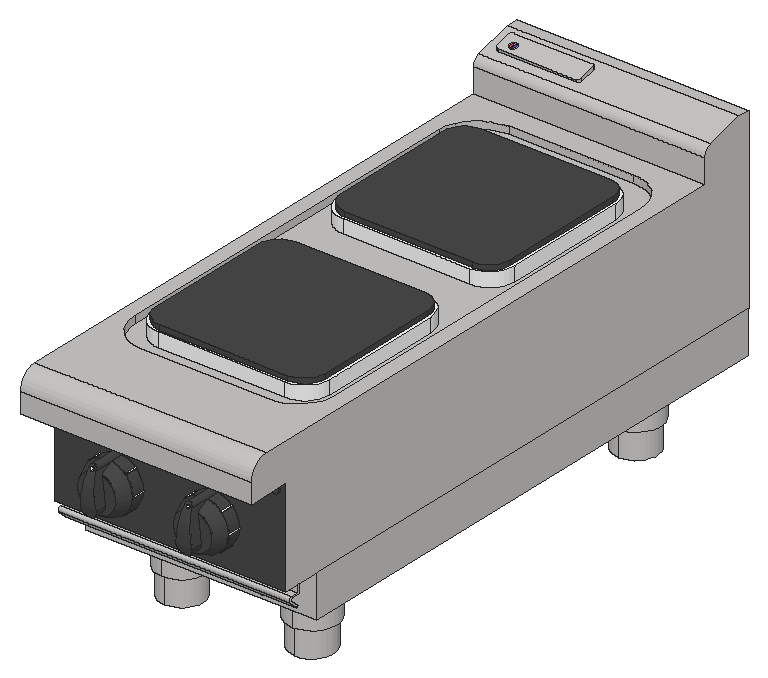
Revit family "QF_Moffat_RNLB8200SE-B_Electric_Cooktops_Sealed_Hobs_cat", category Specialty Equipment, Revit 2019
Family settings
  Round Connector Dimension = Use Diameter
  Part Type = Normal
  Work Plane-Based = No
  Always vertical = Yes
  Cut with Voids When Loaded = No
  Shared = No
  Room Calculation Point = No
Parameters (values of type "QF_Moffat_RNLB8200SE-B")
  Weight in Kilograms = 32
  Watts = 5280 W
  Volts = 240 V
  URL Cutsheet = ""
  Specification by User = ""
  Specification by Manufacturer = ""
  Serial Number = ""
  Seismic Rating = ""
  SMACNA No = ""
  Revision Code = ""
  Phase = 2
  Number of Poles = 1
  NAFEM Spec ID Number = ""
  Model = "RNLB8200SE-B"
  Min Ckt Ampacity = 0 A
  Max Overcurrent Protection = 0 A
  Masterspec = ""
  Manufacturer = "Moffat"
  Length = 300 mm
  Item Number = ""
  Installed By = ""
  Identify Quantity as Lot = yes
  Height = 370 mm
  HP = ""
  Furnished By = ""
  Foodservice Equipment Identifier = yes
  FL Amps = 22 A
  Electrical Remarks = ""
  Electric Connection Type = ""
  Elec Conn RI Height = 0 mm
  Elec Conn Connection Height = 0 mm
  Description = "Electric Cooktops Sealed Hobs"
  Depth = 805 mm
  Cycle = 60 Hz
  Conn Plug = ""
  Conn Conduit = yes
  CSI MasterFormat = ""
  Apparent Power = if(Phase = 3, Volts * FL Amps * 1.73, Volts * FL Amps)  # 5280 VA
Reference planes
  plane 1 "BACK": y = 0
  plane 2: z = 0
  plane 3 "LEFT": x = 0
  plane 4 "RIGHT": x = 300
  plane 5 "FRONT": y = -805
  plane 6 "TOP": z = 315
  plane 7 "Center Y": x = 150
  plane 8 "Center X": y = -402.5
  plane 9: x = 65.5
  plane 10: x = 234.5
  plane 11: x = 87.5
  plane 12: x = 211.766
  plane 13: y = -30
  plane 14: x = 170
  plane 15: y = -625
  plane 16: y = -100
  plane 17: z = 370
Forms (mm)
  Extrusion 1, solid, material "QF_Metal_Stainless_Polished"
    sketch origin (0, 0, 0) x (0, 1, 0) y (0, 0, 1)
      loop
        line (0, 140) -> (0, 370) -> (-15, 370) -> (-61.106, 357.646)
        arc (-61.106, 357.646) -> (-67.52, 353.36) -> (-70, 346.055) r 12
        line (-70, 346.055) -> (-70, 315) -> (-781, 315)
        arc (-781, 315) -> (-797.971, 307.971) -> (-805, 291) r 24
        line (-805, 291) -> (-805, 266) -> (-749, 266) -> (-749, 140) -> (0, 140)
    from 0 to 300
  Extrusion 2, void
    sketch origin (0, -781, 315) x (0, 1, 0) y (-1, 0, 0)
      loop
        arc (680.8, -69) -> (666.155, -33.645) -> (630.8, -19) r 50
        line (630.8, -19) -> (137.799, -19)
        arc (137.799, -19) -> (102.444, -33.645) -> (87.799, -69) r 50
        line (87.799, -69) -> (87.799, -231)
        arc (87.799, -231) -> (102.444, -266.355) -> (137.799, -281) r 50
        line (137.799, -281) -> (630.8, -281)
        arc (630.8, -281) -> (666.155, -266.355) -> (680.8, -231) r 50
        line (680.8, -231) -> (680.8, -69)
    from 0 to -9.5
  Extrusion 3, solid, material "QF_Plastic_White_Smooth"
    sketch origin (0, -781, 305.5) x (0, 1, 0) y (-1, 0, 0)
      loop
        arc (643.009, -68) -> (633.637, -45.373) -> (611.009, -36) r 32
        line (611.009, -36) -> (446.995, -36)
        arc (446.995, -36) -> (424.368, -45.373) -> (414.995, -68) r 32
        line (414.995, -68) -> (414.995, -232)
        arc (414.995, -232) -> (424.368, -254.627) -> (446.995, -264) r 32
        line (446.995, -264) -> (611.009, -264)
        arc (611.009, -264) -> (633.637, -254.627) -> (643.009, -232) r 32
        line (643.009, -232) -> (643.009, -68)
      loop
        arc (343.009, -68) -> (333.636, -45.373) -> (311.009, -36) r 32
        line (311.009, -36) -> (147.026, -36)
        arc (147.026, -36) -> (124.398, -45.373) -> (115.026, -68) r 32
        line (115.026, -68) -> (115.026, -232)
        arc (115.026, -232) -> (124.398, -254.627) -> (147.026, -264) r 32
        line (147.026, -264) -> (311.009, -264)
        arc (311.009, -264) -> (333.636, -254.627) -> (343.009, -232) r 32
        line (343.009, -232) -> (343.009, -68)
    from 0 to 17.8
  Extrusion 4, solid, material "QF_Plastic_Black_Smooth"
    sketch origin (0, -781, 323.3) x (0, 1, 0) y (-1, 0, 0)
      loop
        arc (639.009, -67) -> (631.101, -47.908) -> (612.009, -40) r 27
        line (612.009, -40) -> (445.995, -40)
        arc (445.995, -40) -> (426.903, -47.908) -> (418.995, -67) r 27
        line (418.995, -67) -> (418.995, -233)
        arc (418.995, -233) -> (426.903, -252.092) -> (445.995, -260) r 27
        line (445.995, -260) -> (612.009, -260)
        arc (612.009, -260) -> (631.101, -252.092) -> (639.009, -233) r 27
        line (639.009, -233) -> (639.009, -67)
      loop
        arc (339.009, -67) -> (331.1, -47.908) -> (312.009, -40) r 27
        line (312.009, -40) -> (146.026, -40)
        arc (146.026, -40) -> (126.934, -47.908) -> (119.026, -67) r 27
        line (119.026, -67) -> (119.026, -233)
        arc (119.026, -233) -> (126.934, -252.092) -> (146.026, -260) r 27
        line (146.026, -260) -> (312.009, -260)
        arc (312.009, -260) -> (331.1, -252.092) -> (339.009, -233) r 27
        line (339.009, -233) -> (339.009, -67)
    from 0 to 6.1
  Extrusion 5, solid, material "QF_Metal_Stainless_Polished"
    sketch origin (0, 0, 0) x (0, 1, 0) y (0, 0, 1)
      loop
        line (-699, 85) -> (0, 85) -> (0, 140) -> (-699, 140) -> (-699, 85)
    from 0 to 300
  Extrusion 6, solid, material "QF_Metal_Stainless_Polished"
    sketch origin (0, 0, 0) x (0, 1, 0) y (0, 0, 1)
      loop
        line (-730.6, 140) -> (-730.6, 130) -> (-740.105, 130)
        arc (-740.105, 130) -> (-743.076, 128.015) -> (-742.379, 124.511) r 3.215
        line (-742.379, 124.511) -> (-731.85, 113.982) -> (-730.719, 115.113) -> (-741.247, 125.642)
        arc (-741.247, 125.642) -> (-741.597, 127.403) -> (-740.105, 128.4) r 1.615
        line (-740.105, 128.4) -> (-729, 128.4) -> (-729, 140) -> (-730.6, 140)
    from 0 to 300
  Extrusion 7, solid, material "QF_Metal_Stainless_Polished"
    sketch origin (150, 168.197, 1219.2) x (0, 1, 0) y (0, 0, 1)
      loop
        line (-867.197, -1109.2) -> (-889.234, -1109.2)
        arc (-889.234, -1109.2) -> (-890.834, -1110.8) -> (-889.234, -1112.4) r 1.6
        line (-889.234, -1112.4) -> (-867.197, -1112.4) -> (-867.197, -1109.2)
    from -100 to 100
  Extrusion 8, solid, material "QF_Paint_Green"
    sketch origin (0, -749, 141.25) x (0, 0, 1) y (-1, 0, 0)
      loop
        circle (101.3, -132.5) r 7.15
      loop
        circle (101.3, -257.5) r 7.15
    from 0 to 1.6
  Extrusion 9, solid, material "QF_Plastic_Black_Smooth"
    sketch origin (0, -749, 141.25) x (0, 0, 1) y (-1, 0, 0)
      loop
        circle (113.843, -13.157) r 5
      loop
        circle (113.843, -286.843) r 5
    from 0 to 1.6
  Extrusion 10, solid, material "QF_Metal_Stainless_Polished"
    sketch origin (-30, -689.8, 85) x (1, 0, 0) y (0, -1, 0)
      loop
        circle (200, -659.8) r 6.35
    from 0 to 1.6
Cuts and joins
  Extrusion 2 cuts Extrusion 1
Lines and regions (mm)
  symbolic lines
    curve 1: line (0, 0, 0) -> (300, 0, 0)
    curve 2: line (0, -805, 0) -> (0, 0, 0)
    curve 3: line (300, -805, 0) -> (0, -805, 0)
    curve 4: line (300, 0, 0) -> (300, -805, 0)
    curve 5: arc (19, -150.2, 0) -> (33.645, -114.845, 0) -> (69, -100.2, 0) r 50
    curve 6: line (69, -100.2, 0) -> (231, -100.2, 0)
    curve 7: arc (231, -100.2, 0) -> (266.355, -114.845, 0) -> (281, -150.2, 0) r 50
    curve 8: line (281, -150.2, 0) -> (281, -643.201, 0)
    curve 9: arc (281, -643.201, 0) -> (266.355, -678.556, 0) -> (231, -693.201, 0) r 50
    curve 10: line (231, -693.201, 0) -> (69, -693.201, 0)
    curve 11: arc (69, -693.201, 0) -> (33.645, -678.556, 0) -> (19, -643.201, 0) r 50
    curve 12: line (19, -643.201, 0) -> (19, -150.2, 0)
    curve 13: arc (68, -137.991, 0) -> (45.373, -147.363, 0) -> (36, -169.991, 0) r 32
    curve 14: line (36, -169.991, 0) -> (36, -334.005, 0)
    curve 15: arc (36, -334.005, 0) -> (45.373, -356.632, 0) -> (68, -366.005, 0) r 32
    curve 16: line (68, -366.005, 0) -> (232, -366.005, 0)
    curve 17: arc (232, -366.005, 0) -> (254.627, -356.632, 0) -> (264, -334.005, 0) r 32
    curve 18: line (264, -334.005, 0) -> (264, -169.991, 0)
    curve 19: arc (264, -169.991, 0) -> (254.627, -147.363, 0) -> (232, -137.991, 0) r 32
    curve 20: line (232, -137.991, 0) -> (68, -137.991, 0)
    curve 21: arc (67, -141.991, 0) -> (47.908, -149.899, 0) -> (40, -168.991, 0) r 27
    curve 22: line (40, -168.991, 0) -> (40, -335.005, 0)
    curve 23: arc (40, -335.005, 0) -> (47.908, -354.097, 0) -> (67, -362.005, 0) r 27
    curve 24: line (67, -362.005, 0) -> (233, -362.005, 0)
    curve 25: arc (233, -362.005, 0) -> (252.092, -354.097, 0) -> (260, -335.005, 0) r 27
    curve 26: line (260, -335.005, 0) -> (260, -168.991, 0)
    curve 27: arc (260, -168.991, 0) -> (252.092, -149.899, 0) -> (233, -141.991, 0) r 27
    curve 28: line (233, -141.991, 0) -> (67, -141.991, 0)
    curve 29: arc (68, -437.991, 0) -> (45.373, -447.364, 0) -> (36, -469.991, 0) r 32
    curve 30: line (36, -469.991, 0) -> (36, -633.974, 0)
    curve 31: arc (36, -633.974, 0) -> (45.373, -656.602, 0) -> (68, -665.974, 0) r 32
    curve 32: line (68, -665.974, 0) -> (232, -665.974, 0)
    curve 33: arc (232, -665.974, 0) -> (254.627, -656.602, 0) -> (264, -633.974, 0) r 32
    curve 34: line (264, -633.974, 0) -> (264, -469.991, 0)
    curve 35: arc (264, -469.991, 0) -> (254.627, -447.364, 0) -> (232, -437.991, 0) r 32
    curve 36: line (232, -437.991, 0) -> (68, -437.991, 0)
    curve 37: arc (67, -441.991, 0) -> (47.908, -449.9, 0) -> (40, -468.991, 0) r 27
    curve 38: line (40, -468.991, 0) -> (40, -634.974, 0)
    curve 39: arc (40, -634.974, 0) -> (47.908, -654.066, 0) -> (67, -661.974, 0) r 27
    curve 40: line (67, -661.974, 0) -> (233, -661.974, 0)
    curve 41: arc (233, -661.974, 0) -> (252.092, -654.066, 0) -> (260, -634.974, 0) r 27
    curve 42: line (260, -634.974, 0) -> (260, -468.991, 0)
    curve 43: arc (260, -468.991, 0) -> (252.092, -449.9, 0) -> (233, -441.991, 0) r 27
    curve 44: line (233, -441.991, 0) -> (67, -441.991, 0)
    curve 45: line (0, -15, 0) -> (300, -15, 0)
    curve 46: line (0, -70, 0) -> (300, -70, 0)
Dimensions and locks
  equal spacing: plane 3 "LEFT", plane 7 "Center Y", plane 4 "RIGHT"
  "Length": plane 3 "LEFT" to plane 4 "RIGHT"
  equal spacing: plane 5 "FRONT", plane 8 "Center X", plane 1 "BACK"
  "Depth": plane 5 "FRONT" to plane 1 "BACK"
  plane 9 to plane 10 = 169 mm
  plane 4 "RIGHT" to plane 3 "LEFT" = 300 mm
  plane 1 "BACK" to plane 5 "FRONT" = 805 mm
  plane 6 "TOP" to plane 2 = 315 mm
  cut or joined group of Extrusion 1, Extrusion 2 to plane 2 = 315 mm
  plane 2 to Extrusion 5 = 85 mm
  plane 1 "BACK" to nested 5 = 100 mm
  nested 5 to nested 1 = 525 mm
  plane 14 to plane 4 "RIGHT" = 130 mm
  plane 1 "BACK" to plane 13 = 30 mm
  plane 15 to plane 16 = 525 mm
  "Height": plane 17 to level
  aligned and locked: level to plane 2
Automatic sketch dimensions
  Extrusion 2 sketch curve to Extrusion 2 sketch curve = 50 mm  (x3)
  Extrusion 1 to Extrusion 2 sketch curve = 19 mm
  Extrusion 1 to Extrusion 2 sketch curve = 69 mm  (x2)
  Extrusion 3 sketch curve to Extrusion 2 = 27.226 mm
  Extrusion 3 sketch curve to Extrusion 2 = 17 mm  (x4)
  Extrusion 3 sketch curve to Extrusion 3 sketch curve = 32 mm  (x6)
  Extrusion 3 sketch curve to Extrusion 2 = 49 mm
  Extrusion 3 sketch curve to Extrusion 3 sketch curve = 163.983 mm
  Extrusion 3 sketch curve to Extrusion 3 sketch curve = 71.987 mm
  Extrusion 3 sketch curve to Extrusion 2 = 69.791 mm  (x2)
  Extrusion 4 sketch curve to Extrusion 3 = 4 mm  (x8)
  Extrusion 4 sketch curve to Extrusion 3 = 31 mm  (x8)
  Extrusion 5 sketch curve to plane 1 "BACK" = 0 mm
  Extrusion 5 sketch curve to plane 5 "FRONT" = 106 mm
  level to Extrusion 5 sketch curve = 85 mm
  Extrusion 5 sketch curve to Extrusion 5 sketch curve = 55 mm
  Extrusion 6 sketch curve to Extrusion 6 sketch curve = 0 mm  (x2)
  Extrusion 6 sketch curve to plane 5 "FRONT" = 62.621 mm
  Extrusion 6 sketch curve to Extrusion 6 sketch curve = 1.131 mm  (x3)
  Extrusion 6 sketch curve to Extrusion 6 sketch curve = 1.142 mm  (x2)
  Extrusion 6 sketch curve to Extrusion 6 sketch curve = 10.529 mm
  Extrusion 6 sketch curve to Extrusion 6 sketch curve = 9.505 mm
  Extrusion 6 sketch curve to Extrusion 6 sketch curve = 1.6 mm
  level to Extrusion 6 sketch curve = 113.982 mm
  Extrusion 6 sketch curve to Extrusion 6 sketch curve = 10 mm
  Extrusion 7 sketch curve to plane 5 "FRONT" = 83.963 mm
  Extrusion 7 sketch curve to Extrusion 7 sketch curve = 22.037 mm
  level to Extrusion 7 sketch curve = 106.8 mm
  Extrusion 7 sketch curve to Extrusion 7 sketch curve = 1.6 mm
  Extrusion 1 to Extrusion 8 sketch curve = 23.45 mm  (x2)
  Extrusion 1 to Extrusion 8 sketch curve = 42.5 mm
  Extrusion 8 sketch curve to Extrusion 8 sketch curve = 125 mm
  Extrusion 1 to Extrusion 9 sketch curve = 10.907 mm  (x2)
  Extrusion 1 to Extrusion 9 sketch curve = 13.157 mm  (x2)
  Extrusion 10 sketch curve to Extrusion 5 = 30 mm
  Extrusion 10 sketch curve to Extrusion 5 = 130 mm
  Extrusion 1 sketch curve to plane 5 "FRONT" = 56 mm
  Extrusion 1 sketch curve to Extrusion 1 sketch curve = 49 mm
  Extrusion 1 sketch curve to plane 5 "FRONT" = 24 mm
  Extrusion 1 sketch curve to plane 5 "FRONT" = 0 mm
  Extrusion 2 sketch curve to Extrusion 1 = 137.799 mm
  plane 1 "BACK" to curve 1 = 0 mm
  curve 1 to plane 3 "LEFT" = 0 mm
  plane 5 "FRONT" to curve 3 = 0 mm
  plane 3 "LEFT" to curve 12 = 19 mm
  curve 12 to curve 14 = 17 mm
  curve 30 to plane 15 = 8.974 mm
  curve 12 to curve 30 = 17 mm
  curve 13 to curve 22 = 4 mm
  curve 29 to curve 38 = 4 mm
  curve 37 to plane 9 = 1.5 mm
  curve 23 to plane 9 = 1.5 mm
  curve 39 to plane 9 = 1.5 mm
  curve 28 to plane 9 = 1.5 mm
  curve 23 to curve 15 = 1 mm
  curve 21 to curve 13 = 1 mm
  curve 37 to curve 29 = 1 mm
  curve 39 to curve 31 = 1 mm
  curve 6 to plane 16 = 0.2 mm
  curve 6 to plane 9 = 3.5 mm
  curve 10 to plane 9 = 3.5 mm
  plane 10 to curve 7 = 3.5 mm
  plane 10 to curve 10 = 3.5 mm
  plane 10 to curve 35 = 2.5 mm
  plane 10 to curve 33 = 2.5 mm
  plane 10 to curve 16 = 2.5 mm
  plane 10 to curve 19 = 2.5 mm
  plane 10 to curve 44 = 1.5 mm
  plane 10 to curve 24 = 1.5 mm
  plane 10 to curve 28 = 1.5 mm
  plane 10 to curve 40 = 1.5 mm
  curve 42 to plane 10 = 25.5 mm
  curve 26 to plane 10 = 25.5 mm
  curve 42 to curve 34 = 4 mm
  curve 26 to curve 18 = 4 mm
  plane 4 "RIGHT" to curve 8 = 19 mm
  curve 10 to curve 32 = 27.226 mm
  curve 31 to curve 40 = 4 mm
  curve 35 to plane 8 "Center X" = 67.491 mm
  curve 29 to curve 38 = 1 mm
  plane 8 "Center X" to curve 16 = 36.495 mm
  curve 15 to curve 24 = 4 mm
  curve 19 to curve 7 = 19.791 mm
  curve 13 to curve 22 = 1 mm
  Extrusion 1 sketch curve to Extrusion 1 sketch curve = 126 mm
  curve 4 to plane 4 "RIGHT" = 0 mm
  plane 16 to Extrusion 1 sketch curve = 30 mm
  plane 6 "TOP" to Extrusion 1 sketch curve = 31.055 mm
  Extrusion 1 sketch curve to Extrusion 1 sketch curve = 12 mm
  Extrusion 1 sketch curve to Extrusion 1 sketch curve = 3.106 mm
  plane 1 "BACK" to Extrusion 1 sketch curve = 15 mm
  Extrusion 1 sketch curve to Extrusion 1 sketch curve = 12.354 mm
  Extrusion 1 sketch curve to plane 1 "BACK" = 0 mm
  Extrusion 1 sketch curve to plane 6 "TOP" = 0 mm
  Extrusion 2 sketch curve to Extrusion 1 = 80.2 mm
  curve 45 to curve 1 = 15 mm
  plane 16 to curve 46 = 30 mm
  radius of Extrusion 8 sketch curve = 7.15 mm  (x2)
  radius of Extrusion 9 sketch curve = 5 mm  (x2)
  radius of Extrusion 10 sketch curve = 6.35 mm
Nested families
  nested 1: "Small Leg" at (33.75, -593.25, 0), type "Small Leg"
  nested 2: "Small Leg" at (266.25, -593.25, 0) x (-1, 0, 0) z (0, 0, 1), type "Small Leg"
  nested 3: "Knob" at (55.003, -746.031, 164.502), type "Knob"
  nested 4: "Knob" at (179.269, -746.031, 164.502), type "Knob"
  nested 5: "Small Leg" at (33.75, -68.25, 0), type "Small Leg"
  nested 6: "Small Leg" at (266.25, -68.25, 0) x (-1, 0, 0) z (0, 0, 1), type "Small Leg"
  nested 7: "QF_LOGO_Waldorf" at (12, -23.793, 340.933), type "QF_LOGO_Waldorf"
Connectors
  electrical at (170, -30, 83.4), driven by "Volts", driven by "Watts"
    settings: on Extrusion 10, index 1, voltage 240 V, apparent load 5280 VA, apparent load phase1 0 VA, apparent load phase2 0 VA, apparent load phase3 0 VA, power factor 1, load classification "Other", number of poles 1, system type 30, power factor state 1, is connector primary yes, connector utility no, sub classification motor no, connector description "Electrical Connection"
Definition of nested family "Small Leg"
  Parameters (values of type "Small Leg")
    Weight in Pounds = 0
    URL Cutsheet = ""
    Specification by User = ""
    Specification by Manufacturer = ""
    Serial Number = ""
    Seismic Rating = ""
    SMACNA No = ""
    Revision Code = ""
    NAFEM Spec ID Number = ""
    Masterspec = ""
    Length = 63.5 mm
    Item Number = ""
    Installed By = ""
    Identify Quantity as Lot = yes
    Height = 85 mm
    Furnished By = ""
    Foodservice Equipment Identifier = yes
    Depth = 63.5 mm
    CSI MasterFormat = ""
  Reference planes
    plane 1 "BACK": y = 0
    plane 2: z = 0
    plane 3 "LEFT": x = 0
    plane 4 "RIGHT": x = 63.5
    plane 5 "FRONT": y = -63.5
    plane 6 "TOP": z = 85
    plane 7 "Center Y": x = 31.75
    plane 8 "Center X": y = -31.75
  Forms (mm)
    Revolve 1, solid
      sketch origin (31.75, 175.397, 1219.2) x (0, 1, 0) y (0, 0, 1)
        loop
          line (-207.147, -1134.2) -> (-207.147, -1219.2) -> (-179.647, -1219.2) -> (-179.647, -1184.2) -> (-175.397, -1184.2) -> (-175.397, -1134.2) -> (-207.147, -1134.2)
        axis (-207.147, -1134.2) -> (-207.147, -1219.2)
      angle from 0 to 360
  Dimensions and locks
    equal spacing: plane 3 "LEFT", plane 7 "Center Y", plane 4 "RIGHT"
    "Length": plane 3 "LEFT" to plane 4 "RIGHT"
    equal spacing: plane 5 "FRONT", plane 8 "Center X", plane 1 "BACK"
    "Depth": plane 5 "FRONT" to plane 1 "BACK"
    "Height": plane 6 "TOP" to level
    plane 4 "RIGHT" to plane 3 "LEFT" = 63.5 mm
    aligned and locked: level to plane 2
  Automatic sketch dimensions
    Revolve 1 sketch curve to plane 6 "TOP" = 0 mm
    Revolve 1 sketch curve to plane 8 "Center X" = 0 mm  (x2)
    Revolve 1 sketch curve to level = 0 mm  (x2)
    Revolve 1 sketch curve to plane 1 "BACK" = 0 mm
    Revolve 1 sketch curve to Revolve 1 sketch curve = 4.25 mm
    level to Revolve 1 sketch curve = 35 mm
    Revolve 1 sketch curve to Revolve 1 sketch curve = 20 mm
Definition of nested family "Knob"
  Parameters (values of type "Knob")
    Weight in Pounds = 0
    URL Cutsheet = ""
    Specification by User = ""
    Specification by Manufacturer = ""
    Serial Number = ""
    Seismic Rating = ""
    SMACNA No = ""
    Revision Code = ""
    NAFEM Spec ID Number = ""
    Masterspec = ""
    Length = 65 mm
    Item Number = ""
    Installed By = ""
    Identify Quantity as Lot = yes
    Height = 69.5 mm
    Furnished By = ""
    Foodservice Equipment Identifier = yes
    Depth = 59 mm
    CSI MasterFormat = ""
  Reference planes
    plane 1 "BACK": y = 0
    plane 2: z = 0
    plane 3 "LEFT": x = 0
    plane 4 "RIGHT": x = 65
    plane 5 "FRONT": y = -59
    plane 6 "TOP": z = 69.5
    plane 7 "Center Y": x = 32.5
    plane 8 "Center X": y = -29.5
  Forms (mm)
    Revolve 1, solid
      sketch origin (32.5, 175.397, 1219.2) x (0, 1, 0) y (0, 0, 1)
        loop
          line (-175.397, -1186.7) -> (-219.397, -1186.7) -> (-219.397, -1211.501) -> (-202.106, -1219.2) -> (-185.397, -1219.2) -> (-185.397, -1191.7) -> (-175.397, -1191.7) -> (-175.397, -1186.7)
        axis (-219.397, -1186.7) -> (-175.397, -1186.7)
      angle from 0 to 360
    Extrusion 2, solid
      sketch origin (32.5, 175.397, 1219.2) x (0, 1, 0) y (0, 0, 1)
        loop
          line (-202.106, -1154.2) -> (-185.397, -1154.2) -> (-185.397, -1149.7) -> (-224.105, -1149.7)
          arc (-224.105, -1149.7) -> (-233.965, -1178.467) -> (-230.696, -1208.7) r 70
          line (-230.696, -1208.7) -> (-219.397, -1208.7) -> (-219.397, -1161.899) -> (-202.106, -1154.2)
      from -15 to 15
    Extrusion 3, void
      sketch origin (0, 0, 0) x (1, 0, 0) y (0, 0, 1)
        loop
          line (27.501, 64.613) -> (22.02, 20.585)
          arc (22.02, 20.585) -> (32.792, 10.488) -> (42.986, 21.169) r 10.487
          line (42.986, 21.169) -> (37.499, 64.613)
          arc (37.499, 64.613) -> (32.5, 69.5) -> (27.501, 64.613) r 5
        loop
          line (10, 72.977) -> (10, 5.625) -> (55, 5.625) -> (55, 72.977) -> (10, 72.977)
      from 6.142 to 69.687
    Extrusion 4, solid
      sketch origin (0, -34.115, -16.916) x (1, 0, 0) y (0, 0.45399, 0.891007)
        loop
          circle (32.497, 65) r 2
      from 51.525 to 53.075
    Extrusion 5, solid
      sketch origin (32.5, -10, 32.5) x (0, 0, -1) y (-1, 0, 0)
        loop
          line (-23.54, -22.408) -> (-24.106, -22.974)
          arc (-24.106, -22.974) -> (-23.547, -23.547) -> (-22.974, -24.106) r 33.3
          line (-22.974, -24.106) -> (-22.408, -23.54)
          arc (-22.408, -23.54) -> (-22.981, -22.981) -> (-23.54, -22.408) r 32.5
        loop
          arc (-0.8, -33.29) -> (0, -33.3) -> (0.8, -33.29) r 33.3
          line (0.8, -33.29) -> (0.8, -32.49)
          arc (0.8, -32.49) -> (0, -32.5) -> (-0.8, -32.49) r 32.5
          line (-0.8, -32.49) -> (-0.8, -33.29)
        loop
          arc (23.54, -22.408) -> (22.981, -22.981) -> (22.408, -23.54) r 32.5
          line (22.408, -23.54) -> (22.974, -24.106)
          arc (22.974, -24.106) -> (23.547, -23.547) -> (24.106, -22.974) r 33.3
          line (24.106, -22.974) -> (23.54, -22.408)
        loop
          arc (-23.54, 22.408) -> (-22.981, 22.981) -> (-22.408, 23.54) r 32.5
          line (-22.408, 23.54) -> (-22.974, 24.106)
          arc (-22.974, 24.106) -> (-23.547, 23.547) -> (-24.106, 22.974) r 33.3
          line (-24.106, 22.974) -> (-23.54, 22.408)
        loop
          line (-0.8, 33.29) -> (-0.8, 32.49)
          arc (-0.8, 32.49) -> (0, 32.5) -> (0.8, 32.49) r 32.5
          line (0.8, 32.49) -> (0.8, 33.29)
          arc (0.8, 33.29) -> (0, 33.3) -> (-0.8, 33.29) r 33.3
        loop
          line (32.49, -0.8) -> (33.29, -0.8)
          arc (33.29, -0.8) -> (33.3, 0) -> (33.29, 0.8) r 33.3
          line (33.29, 0.8) -> (32.49, 0.8)
          arc (32.49, 0.8) -> (32.5, 0) -> (32.49, -0.8) r 32.5
        loop
          arc (24.106, 22.974) -> (23.547, 23.547) -> (22.974, 24.106) r 33.3
          line (22.974, 24.106) -> (22.408, 23.54)
          arc (22.408, 23.54) -> (22.981, 22.981) -> (23.54, 22.408) r 32.5
          line (23.54, 22.408) -> (24.106, 22.974)
      from 0 to -16.709
  Cuts and joins
    Extrusion 3 cuts Extrusion 2
  Dimensions and locks
    equal spacing: plane 3 "LEFT", plane 7 "Center Y", plane 4 "RIGHT"
    "Length": plane 3 "LEFT" to plane 4 "RIGHT"
    equal spacing: plane 5 "FRONT", plane 8 "Center X", plane 1 "BACK"
    "Depth": plane 5 "FRONT" to plane 1 "BACK"
    "Height": plane 6 "TOP" to level
    plane 4 "RIGHT" to plane 3 "LEFT" = 65 mm
    aligned and locked: level to plane 2
  Automatic sketch dimensions
    Revolve 1 sketch curve to level = 0 mm
    Revolve 1 sketch curve to plane 1 "BACK" = 0 mm  (x2)
    plane 1 "BACK" to Revolve 1 sketch curve = 10 mm
    plane 8 "Center X" to Revolve 1 sketch curve = 2.791 mm
    Revolve 1 sketch curve to plane 8 "Center X" = 14.5 mm
    level to Revolve 1 sketch curve = 7.699 mm
    level to Revolve 1 sketch curve = 27.5 mm
    Revolve 1 sketch curve to Revolve 1 sketch curve = 5 mm
    Revolve 1 sketch curve to Revolve 1 sketch curve = 35 mm
    Revolve 1 sketch curve to Revolve 1 sketch curve = 0 mm
    Extrusion 2 sketch curve to plane 6 "TOP" = 0 mm
    Extrusion 2 sketch curve to plane 5 "FRONT" = 3.702 mm
    Extrusion 2 sketch curve to plane 5 "FRONT" = 10.293 mm
    Extrusion 2 sketch curve to Extrusion 2 sketch curve = 11.298 mm
    plane 8 "Center X" to Extrusion 2 sketch curve = 2.791 mm
    plane 1 "BACK" to Extrusion 2 sketch curve = 10 mm
    Extrusion 2 sketch curve to plane 1 "BACK" = 11 mm
    Extrusion 2 sketch curve to plane 6 "TOP" = 4.5 mm
    Extrusion 2 sketch curve to plane 6 "TOP" = 12.199 mm
    level to Extrusion 2 sketch curve = 32.962 mm
    level to Extrusion 3 sketch curve = 5.625 mm
    Extrusion 3 sketch curve to plane 7 "Center Y" = 0 mm  (x2)
    Extrusion 3 sketch curve to plane 7 "Center Y" = 4.999 mm
    Extrusion 3 sketch curve to plane 7 "Center Y" = 10.48 mm
    plane 6 "TOP" to Extrusion 3 sketch curve = 3.477 mm
    plane 3 "LEFT" to Extrusion 3 sketch curve = 10 mm
    Extrusion 3 sketch curve to plane 6 "TOP" = 4.887 mm
    Extrusion 3 sketch curve to Extrusion 3 sketch curve = 4.999 mm
    plane 7 "Center Y" to Extrusion 3 sketch curve = 10.486 mm
    level to Extrusion 3 sketch curve = 20.585 mm
    Extrusion 3 sketch curve to Extrusion 3 sketch curve = 0.387 mm
    Extrusion 3 sketch curve to Extrusion 3 sketch curve = 0.113 mm
    plane 4 "RIGHT" to Extrusion 3 sketch curve = 10 mm
    Extrusion 5 sketch curve to Revolve 1 = 32.49 mm
    Revolve 1 to Extrusion 5 sketch curve = 32.49 mm
    Extrusion 5 sketch curve to Revolve 1 = 23.54 mm  (x2)
    Revolve 1 to Extrusion 5 sketch curve = 23.54 mm  (x2)
    Extrusion 5 sketch curve to Revolve 1 = 24.106 mm  (x2)
    Revolve 1 to Extrusion 5 sketch curve = 24.106 mm  (x2)
    Revolve 1 to Extrusion 5 sketch curve = 22.408 mm  (x2)
    Extrusion 5 sketch curve to Revolve 1 = 22.408 mm  (x2)
    Revolve 1 to Extrusion 5 sketch curve = 22.974 mm  (x2)
    Extrusion 5 sketch curve to Revolve 1 = 22.974 mm  (x2)
    Extrusion 5 sketch curve to Extrusion 5 sketch curve = 1.6 mm  (x2)
    Revolve 1 to Extrusion 5 sketch curve = 0.8 mm
    Extrusion 5 sketch curve to Revolve 1 = 0.8 mm
    Extrusion 4 sketch curve to plane 7 "Center Y" = 0.003 mm
    radius of Extrusion 5 sketch curve to Revolve 1 = 0 mm  (x7)
    radius of Revolve 1 to Extrusion 5 sketch curve = 0.8 mm  (x7)
    radius of Extrusion 4 sketch curve = 2 mm
Definition of nested family "QF_LOGO_Waldorf"
  Parameters (values of type "QF_LOGO_Waldorf")
    Weight in Pounds = 0
    URL Cutsheet = ""
    Specification by User = ""
    Specification by Manufacturer = ""
    Serial Number = ""
    Seismic Rating = ""
    SMACNA No = ""
    Revision Code = ""
    NAFEM Spec ID Number = ""
    Masterspec = ""
    Length = 138 mm
    Item Number = ""
    Installed By = ""
    Identify Quantity as Lot = yes
    Height = 26.711 mm
    Furnished By = ""
    Foodservice Equipment Identifier = yes
    Depth = 3.175 mm
    CSI MasterFormat = ""
  Reference planes
    plane 1 "BACK": y = 0
    plane 2: z = 0
    plane 3 "LEFT": x = 0
    plane 4 "RIGHT": x = 138
    plane 5 "FRONT": y = -3.175
    plane 6 "TOP": z = 26.711
    plane 7 "Center Y": x = 69
    plane 8 "Center X": y = -1.587
  Forms (mm)
    Extrusion 1, solid
      sketch origin (0, -25.801, 19.798) x (1, 0, 0) y (0, 0.965926, 0.258819)
        loop
          line (109, 3.464) -> (109, 23.247)
          spline (109, 23.247) -> (108.966, 23.699) -> (108.864, 24.143) -> (108.696, 24.572) -> (108.464, 24.979) -> (108.173, 25.355) -> (107.828, 25.696) -> (107.435, 25.995) -> (107, 26.247) -> (106.531, 26.447) -> (106.035, 26.593) -> (105.522, 26.681) -> (105, 26.711)
          line (105, 26.711) -> (4, 26.711)
          spline (4, 26.711) -> (3.478, 26.681) -> (2.965, 26.593) -> (2.469, 26.447) -> (2, 26.247) -> (1.565, 25.995) -> (1.172, 25.696) -> (0.827, 25.355) -> (0.536, 24.979) -> (0.304, 24.572) -> (0.136, 24.143) -> (0.034, 23.699) -> (0, 23.247)
          line (0, 23.247) -> (0, 3.464)
          spline (0, 3.464) -> (0.034, 3.012) -> (0.136, 2.568) -> (0.304, 2.138) -> (0.536, 1.732) -> (0.827, 1.355) -> (1.172, 1.015) -> (1.565, 0.716) -> (2, 0.464) -> (2.469, 0.264) -> (2.965, 0.118) -> (3.478, 0.03) -> (4, 0)
          line (4, 0) -> (105, 0)
          spline (105, 0) -> (105.522, 0.03) -> (106.035, 0.118) -> (106.531, 0.264) -> (107, 0.464) -> (107.435, 0.716) -> (107.828, 1.015) -> (108.173, 1.355) -> (108.464, 1.732) -> (108.696, 2.138) -> (108.864, 2.568) -> (108.966, 3.012) -> (109, 3.464)
        loop
          line (14.75, 7.005) -> (14.75, 15.654)
          arc (14.75, 15.654) -> (10.425, 11.329) -> (14.75, 7.005) r 4.325
        loop
          line (15.25, 15.654) -> (15.25, 7.005)
          arc (15.25, 7.005) -> (19.575, 11.329) -> (15.25, 15.654) r 4.325
      from 0 to 3.2
    Extrusion 2, solid
      sketch origin (0, -25.801, 19.798) x (1, 0, 0) y (0, 0.965926, 0.258819)
        loop
          line (15.25, 15.654) -> (15.25, 7.005)
          arc (15.25, 7.005) -> (19.575, 11.329) -> (15.25, 15.654) r 4.325
      from 0 to 3.2
    Extrusion 3, solid
      sketch origin (16.271, -25.801, 19.798) x (-1, 0, 0) y (0, -0.965926, -0.258819)
        loop
          arc (1.521, -15.654) -> (5.846, -11.329) -> (1.521, -7.005) r 4.325
          line (1.521, -7.005) -> (1.521, -15.654)
      from 0 to 3.2
  Lines and regions (mm)
    Split face 1
      outline origin (0, -26.629, 22.888) x (1, 0, 0) y (0, 0.965926, 0.258819)
        loop
          spline (22.129, 16.975) -> (22.389, 15.984) -> (22.649, 15.002) -> (22.91, 14.028) -> (23.172, 13.065) -> (23.433, 12.11) -> (23.695, 11.166) -> (23.956, 10.232) -> (24.218, 9.308) -> (24.479, 8.396) -> (24.74, 7.495) -> (25, 6.605) -> (25.26, 5.728)
          line (25.26, 5.728) -> (29.463, 5.728)
          spline (29.463, 5.728) -> (29.582, 6.252) -> (29.701, 6.78) -> (29.82, 7.313) -> (29.939, 7.85) -> (30.058, 8.391) -> (30.178, 8.936) -> (30.297, 9.485) -> (30.416, 10.038) -> (30.536, 10.594) -> (30.655, 11.155) -> (30.775, 11.719) -> (30.894, 12.287)
          spline (30.894, 12.287) -> (31.018, 11.719) -> (31.142, 11.155) -> (31.266, 10.594) -> (31.39, 10.038) -> (31.514, 9.485) -> (31.638, 8.936) -> (31.762, 8.391) -> (31.885, 7.85) -> (32.009, 7.313) -> (32.133, 6.78) -> (32.256, 6.252) -> (32.379, 5.728)
          line (32.379, 5.728) -> (36.51, 5.728)
          spline (36.51, 5.728) -> (36.766, 6.605) -> (37.023, 7.495) -> (37.28, 8.396) -> (37.538, 9.308) -> (37.795, 10.232) -> (38.053, 11.166) -> (38.311, 12.11) -> (38.569, 13.065) -> (38.826, 14.028) -> (39.083, 15.002) -> (39.34, 15.984) -> (39.597, 16.975)
          line (39.597, 16.975) -> (35.637, 16.975)
          spline (35.637, 16.975) -> (35.523, 16.334) -> (35.41, 15.697) -> (35.296, 15.063) -> (35.182, 14.433) -> (35.068, 13.807) -> (34.954, 13.185) -> (34.84, 12.566) -> (34.726, 11.952) -> (34.612, 11.342) -> (34.497, 10.737) -> (34.383, 10.135) -> (34.269, 9.538)
          spline (34.269, 9.538) -> (34.138, 10.135) -> (34.008, 10.737) -> (33.877, 11.342) -> (33.746, 11.952) -> (33.616, 12.566) -> (33.485, 13.185) -> (33.354, 13.807) -> (33.224, 14.433) -> (33.093, 15.063) -> (32.963, 15.697) -> (32.833, 16.334) -> (32.703, 16.975)
          line (32.703, 16.975) -> (29.247, 16.975)
          spline (29.247, 16.975) -> (29.111, 16.334) -> (28.974, 15.697) -> (28.837, 15.063) -> (28.7, 14.433) -> (28.562, 13.807) -> (28.425, 13.185) -> (28.288, 12.566) -> (28.15, 11.952) -> (28.013, 11.342) -> (27.875, 10.737) -> (27.738, 10.135) -> (27.6, 9.538)
          spline (27.6, 9.538) -> (27.483, 10.135) -> (27.366, 10.737) -> (27.249, 11.342) -> (27.132, 11.952) -> (27.015, 12.566) -> (26.897, 13.185) -> (26.78, 13.807) -> (26.663, 14.433) -> (26.546, 15.063) -> (26.43, 15.697) -> (26.313, 16.334) -> (26.196, 16.975)
          line (26.196, 16.975) -> (22.129, 16.975)
    Split face 2
      outline origin (0, -26.629, 22.888) x (1, 0, 0) y (0, 0.965926, 0.258819)
        loop
          line (51.449, 5.728) -> (51.035, 6.606) -> (51.035, 11.169)
          spline (51.035, 11.169) -> (50.686, 12.42) -> (50.176, 13.224) -> (49.51, 13.708) -> (48.693, 13.995) -> (47.747, 14.152) -> (46.698, 14.207) -> (45.579, 14.186) -> (44.419, 14.114) -> (43.279, 13.929) -> (42.249, 13.481) -> (41.424, 12.614) -> (40.897, 11.169)
          line (40.897, 11.169) -> (44.617, 11.169) -> (44.988, 11.965)
          spline (44.988, 11.965) -> (47.294, 11.682) -> (46.856, 10.932) -> (45.527, 10.609) -> (43.858, 10.439) -> (42.259, 10.123) -> (41.078, 9.417) -> (40.563, 8.246) -> (40.689, 6.989) -> (41.407, 6.052) -> (42.774, 5.536) -> (44.847, 5.497) -> (47.306, 6.602)
          line (47.306, 6.602) -> (47.624, 5.728) -> (51.449, 5.728)
    Split face 3
      outline origin (0, -26.629, 22.888) x (1, 0, 0) y (0, 0.965926, 0.258819)
        loop
          line (47.264, 9.264) -> (44.938, 8.597)
          spline (44.938, 8.597) -> (44.508, 8.228) -> (44.402, 7.9) -> (44.548, 7.626) -> (44.877, 7.42) -> (45.317, 7.295) -> (45.797, 7.265) -> (46.252, 7.342) -> (46.65, 7.525) -> (46.971, 7.813) -> (47.194, 8.201) -> (47.298, 8.685) -> (47.264, 9.264)
    Split face 4
      outline origin (0, -26.629, 22.888) x (1, 0, 0) y (0, 0.965926, 0.258819)
        loop
          line (53.33, 16.975) -> (53.33, 5.728) -> (57.173, 5.728) -> (57.173, 16.975) -> (53.33, 16.975)
    Split face 5
      outline origin (0, -26.629, 22.888) x (1, 0, 0) y (0, 0.965926, 0.258819)
        loop
          line (65.795, 16.975) -> (65.795, 12.976)
          spline (65.795, 12.976) -> (63.839, 14.082) -> (62.087, 14.096) -> (60.633, 13.343) -> (59.574, 12.148) -> (58.99, 10.806) -> (58.867, 9.452) -> (59.156, 8.159) -> (59.81, 7) -> (60.786, 6.056) -> (62.111, 5.514) -> (63.868, 5.634) -> (66.137, 6.679)
          line (66.137, 6.679) -> (66.137, 5.728) -> (69.511, 5.728) -> (69.511, 16.975) -> (65.795, 16.975)
    Split face 6
      outline origin (0, -26.629, 22.888) x (1, 0, 0) y (0, 0.965926, 0.258819)
        loop
          spline (64.273, 7.499) -> (64.754, 7.57) -> (65.202, 7.777) -> (65.587, 8.106) -> (65.882, 8.535) -> (66.067, 9.034) -> (66.131, 9.57) -> (66.067, 10.106) -> (65.882, 10.605) -> (65.587, 11.034) -> (65.202, 11.363) -> (64.754, 11.57) -> (64.273, 11.64)
          spline (64.273, 11.64) -> (63.793, 11.57) -> (63.345, 11.363) -> (62.96, 11.034) -> (62.665, 10.605) -> (62.479, 10.106) -> (62.416, 9.57) -> (62.479, 9.034) -> (62.665, 8.535) -> (62.96, 8.106) -> (63.345, 7.777) -> (63.793, 7.57) -> (64.273, 7.499)
    Split face 7
      outline origin (0, -26.629, 22.888) x (1, 0, 0) y (0, 0.965926, 0.258819)
        loop
          spline (76.449, 5.305) -> (77.855, 5.457) -> (79.166, 5.901) -> (80.291, 6.607) -> (81.155, 7.527) -> (81.698, 8.599) -> (81.883, 9.749) -> (81.698, 10.899) -> (81.155, 11.97) -> (80.291, 12.891) -> (79.166, 13.597) -> (77.855, 14.041) -> (76.449, 14.192)
          spline (76.449, 14.192) -> (75.042, 14.041) -> (73.731, 13.597) -> (72.606, 12.891) -> (71.742, 11.97) -> (71.199, 10.899) -> (71.014, 9.749) -> (71.199, 8.599) -> (71.742, 7.527) -> (72.606, 6.607) -> (73.731, 5.901) -> (75.042, 5.457) -> (76.449, 5.305)
    Split face 8
      outline origin (0, -26.629, 22.888) x (1, 0, 0) y (0, 0.965926, 0.258819)
        loop
          spline (76.449, 7.654) -> (76.841, 7.725) -> (77.206, 7.934) -> (77.52, 8.267) -> (77.76, 8.701) -> (77.912, 9.206) -> (77.963, 9.749) -> (77.912, 10.291) -> (77.76, 10.796) -> (77.52, 11.23) -> (77.206, 11.563) -> (76.841, 11.772) -> (76.449, 11.843)
          spline (76.449, 11.843) -> (76.057, 11.772) -> (75.691, 11.563) -> (75.378, 11.23) -> (75.137, 10.796) -> (74.986, 10.291) -> (74.934, 9.749) -> (74.986, 9.206) -> (75.137, 8.701) -> (75.378, 8.267) -> (75.691, 7.934) -> (76.057, 7.725) -> (76.449, 7.654)
    Split face 9
      outline origin (0, -26.629, 22.888) x (1, 0, 0) y (0, 0.965926, 0.258819)
        loop
          line (86.998, 12.335) -> (86.998, 13.879) -> (83.479, 13.879) -> (83.479, 5.728) -> (87.312, 5.728) -> (87.312, 8.975)
          spline (87.312, 8.975) -> (87.364, 9.356) -> (87.458, 9.686) -> (87.594, 9.968) -> (87.769, 10.204) -> (87.982, 10.398) -> (88.229, 10.55) -> (88.509, 10.666) -> (88.82, 10.746) -> (89.16, 10.794) -> (89.525, 10.812) -> (89.915, 10.803) -> (90.327, 10.77)
          line (90.327, 10.77) -> (90.327, 14.113)
          spline (90.327, 14.113) -> (89.929, 14.127) -> (89.552, 14.111) -> (89.197, 14.066) -> (88.865, 13.991) -> (88.554, 13.887) -> (88.266, 13.754) -> (87.999, 13.591) -> (87.755, 13.399) -> (87.532, 13.177) -> (87.332, 12.926) -> (87.154, 12.645) -> (86.998, 12.335)
    Split face 10
      outline origin (0, -26.629, 22.888) x (1, 0, 0) y (0, 0.965926, 0.258819)
        loop
          line (92.082, 13.879) -> (90.894, 13.879) -> (90.894, 11.972) -> (92.082, 11.972) -> (92.082, 5.728) -> (95.871, 5.728) -> (95.871, 11.972) -> (97.5, 11.972) -> (97.5, 13.879) -> (95.871, 13.879)
          spline (95.871, 13.879) -> (95.843, 14.088) -> (95.845, 14.278) -> (95.877, 14.447) -> (95.939, 14.596) -> (96.03, 14.726) -> (96.151, 14.835) -> (96.301, 14.925) -> (96.482, 14.995) -> (96.692, 15.045) -> (96.931, 15.075) -> (97.201, 15.085) -> (97.5, 15.076)
          line (97.5, 15.076) -> (97.5, 17.266) -> (95.367, 17.266)
          spline (95.367, 17.266) -> (94.982, 17.253) -> (94.58, 17.21) -> (94.174, 17.132) -> (93.774, 17.013) -> (93.39, 16.846) -> (93.034, 16.627) -> (92.717, 16.349) -> (92.448, 16.007) -> (92.24, 15.595) -> (92.102, 15.106) -> (92.046, 14.537) -> (92.082, 13.879)
  Dimensions and locks
    equal spacing: plane 3 "LEFT", plane 7 "Center Y", plane 4 "RIGHT"
    "Length": plane 3 "LEFT" to plane 4 "RIGHT"
    equal spacing: plane 5 "FRONT", plane 8 "Center X", plane 1 "BACK"
    "Depth": plane 5 "FRONT" to plane 1 "BACK"
    "Height": plane 6 "TOP" to level
    plane 4 "RIGHT" to plane 3 "LEFT" = 138 mm
    aligned and locked: level to plane 2
  Automatic sketch dimensions
    Extrusion 1 sketch curve to plane 3 "LEFT" = 0 mm
    plane 3 "LEFT" to Extrusion 1 sketch curve = 4 mm  (x2)
    Extrusion 1 sketch curve to Extrusion 1 sketch curve = 10.75 mm
    Extrusion 1 sketch curve to Extrusion 1 sketch curve = 0.5 mm
    plane 4 "RIGHT" to Extrusion 1 sketch curve = 33 mm
    Extrusion 1 sketch curve to Extrusion 1 sketch curve = 0 mm  (x3)
    Extrusion 1 sketch curve to Extrusion 1 sketch curve = 4 mm
    Extrusion 1 sketch curve to Extrusion 1 sketch curve = 3.464 mm  (x3)
    Extrusion 1 sketch curve to Extrusion 1 sketch curve = 3.541 mm
    Extrusion 1 sketch curve to Extrusion 1 sketch curve = 4.325 mm
    Extrusion 1 sketch curve to Extrusion 1 sketch curve = 19.783 mm
    Extrusion 1 sketch curve to Extrusion 1 sketch curve = 7.592 mm
    plane 3 "LEFT" to Extrusion 2 sketch curve = 15.25 mm
    Extrusion 2 sketch curve to Extrusion 2 sketch curve = 4.325 mm
    plane 3 "LEFT" to Extrusion 3 sketch curve = 14.75 mm
    Extrusion 3 sketch curve to Extrusion 3 sketch curve = 4.325 mm
    Extrusion 1 to Split face 1 sketch curve = 6.879 mm
    Split face 1 sketch curve to Extrusion 1 = 5.728 mm
    Split face 1 sketch curve to Split face 1 sketch curve = 3.132 mm
    Split face 1 sketch curve to Split face 1 sketch curve = 4.068 mm
    Split face 1 sketch curve to Split face 1 sketch curve = 3.051 mm
    Split face 1 sketch curve to Split face 1 sketch curve = 4.203 mm
    Split face 1 sketch curve to Split face 1 sketch curve = 2.916 mm
    Split face 1 sketch curve to Split face 1 sketch curve = 3.456 mm
    Split face 1 sketch curve to Split face 1 sketch curve = 2.934 mm
    Split face 1 sketch curve to Split face 1 sketch curve = 4.131 mm
    Split face 1 sketch curve to Split face 1 sketch curve = 3.96 mm
    Split face 1 sketch curve to Split face 1 sketch curve = 0 mm  (x2)
    Split face 1 sketch curve to Extrusion 1 = 9.736 mm  (x2)
    Extrusion 1 to Split face 1 sketch curve = 6.337 mm
    Extrusion 1 to Split face 1 sketch curve = 6.231 mm
    Extrusion 1 to Split face 1 sketch curve = 3.184 mm
    Extrusion 1 to Split face 1 sketch curve = 13.135 mm
    Split face 1 sketch curve to Split face 1 sketch curve = 4.652 mm
    Split face 1 sketch curve to Split face 1 sketch curve = 3.593 mm
    Split face 1 sketch curve to Split face 1 sketch curve = 1.863 mm
    Split face 1 sketch curve to Split face 1 sketch curve = 0.713 mm
    Split face 1 sketch curve to Split face 1 sketch curve = 2.684 mm
    Split face 1 sketch curve to Split face 1 sketch curve = 3.294 mm
    Split face 1 sketch curve to Split face 1 sketch curve = 0.459 mm
    Split face 1 sketch curve to Split face 1 sketch curve = 2.775 mm
    Split face 1 sketch curve to Split face 1 sketch curve = 1.89 mm
    Split face 1 sketch curve to Split face 1 sketch curve = 0.685 mm
    Split face 1 sketch curve to Split face 1 sketch curve = 9.486 mm
    Split face 1 sketch curve to Split face 1 sketch curve = 16.213 mm
    Split face 1 sketch curve to Split face 1 sketch curve = 3.48 mm
    Split face 1 sketch curve to Split face 1 sketch curve = 4.918 mm
    Split face 1 sketch curve to Split face 1 sketch curve = 7.609 mm
    Split face 1 sketch curve to Split face 1 sketch curve = 0.01 mm  (x2)
    Split face 1 sketch curve to Split face 1 sketch curve = 0.002 mm
    Split face 2 sketch curve to Extrusion 1 = 11.169 mm
    Extrusion 1 to Split face 2 sketch curve = 25.647 mm
    Split face 2 sketch curve to Split face 2 sketch curve = 3.72 mm
    Split face 2 sketch curve to Extrusion 1 = 11.965 mm
    Split face 2 sketch curve to Split face 2 sketch curve = 0.371 mm
    Split face 2 sketch curve to Extrusion 1 = 6.602 mm
    Split face 2 sketch curve to Split face 2 sketch curve = 2.689 mm
    Split face 2 sketch curve to Split face 2 sketch curve = 0.318 mm
    Split face 2 sketch curve to Split face 2 sketch curve = 3.729 mm
    Split face 2 sketch curve to Split face 2 sketch curve = 0.414 mm
    Split face 2 sketch curve to Split face 2 sketch curve = 0.875 mm
    Split face 2 sketch curve to Split face 2 sketch curve = 0.878 mm
    Split face 3 sketch curve to Extrusion 1 = 8.597 mm
    Extrusion 1 to Split face 3 sketch curve = 29.688 mm
    Split face 3 sketch curve to Extrusion 1 = 9.264 mm
    Split face 3 sketch curve to Split face 3 sketch curve = 2.326 mm
    Split face 4 sketch curve to Extrusion 1 = 5.728 mm
    Extrusion 1 to Split face 4 sketch curve = 38.08 mm
    Split face 4 sketch curve to Split face 4 sketch curve = 3.843 mm
    Split face 4 sketch curve to Extrusion 1 = 9.736 mm
    Split face 5 sketch curve to Extrusion 1 = 9.736 mm
    Split face 5 sketch curve to Extrusion 1 = 43.205 mm
    Split face 5 sketch curve to Extrusion 1 = 6.679 mm
    Split face 5 sketch curve to Split face 5 sketch curve = 0.342 mm
    Split face 5 sketch curve to Split face 5 sketch curve = 3.375 mm
    Split face 5 sketch curve to Split face 5 sketch curve = 0.952 mm
    Split face 5 sketch curve to Split face 5 sketch curve = 3.998 mm
    Split face 6 sketch curve to Extrusion 1 = 7.499 mm
    Split face 6 sketch curve to Extrusion 1 = 44.727 mm
    Split face 6 sketch curve to Split face 6 sketch curve = 2.07 mm
    Split face 7 sketch curve to Extrusion 1 = 5.305 mm
    Split face 7 sketch curve to Extrusion 1 = 32.551 mm
    Split face 7 sketch curve to Split face 7 sketch curve = 4.443 mm
    Split face 8 sketch curve to Extrusion 1 = 7.654 mm
    Split face 8 sketch curve to Extrusion 1 = 32.551 mm
    Split face 8 sketch curve to Split face 8 sketch curve = 2.095 mm
    Split face 9 sketch curve to Extrusion 1 = 5.728 mm
    Split face 9 sketch curve to Extrusion 1 = 25.521 mm
    Split face 9 sketch curve to Split face 9 sketch curve = 3.519 mm
    Split face 9 sketch curve to Split face 9 sketch curve = 0.315 mm
    Split face 9 sketch curve to Split face 9 sketch curve = 3.33 mm
    Split face 9 sketch curve to Split face 9 sketch curve = 3.248 mm
    Split face 9 sketch curve to Split face 9 sketch curve = 1.795 mm
    Split face 9 sketch curve to Split face 9 sketch curve = 3.36 mm
    Split face 9 sketch curve to Split face 9 sketch curve = 1.545 mm
    Split face 9 sketch curve to Split face 9 sketch curve = 0.233 mm
    Split face 10 sketch curve to Extrusion 1 = 18.106 mm
    Split face 10 sketch curve to Split face 10 sketch curve = 1.188 mm  (x2)
    Split face 10 sketch curve to Split face 10 sketch curve = 3.285 mm
    Split face 10 sketch curve to Split face 10 sketch curve = 3.789 mm
    Split face 10 sketch curve to Split face 10 sketch curve = 0 mm  (x2)
    Split face 10 sketch curve to Split face 10 sketch curve = 1.629 mm
    Split face 10 sketch curve to Split face 10 sketch curve = 2.133 mm
    Split face 10 sketch curve to Extrusion 1 = 5.728 mm
    Split face 10 sketch curve to Split face 10 sketch curve = 6.245 mm
    Split face 10 sketch curve to Split face 10 sketch curve = 1.907 mm  (x2)
    Split face 10 sketch curve to Split face 10 sketch curve = 1.197 mm
    Split face 10 sketch curve to Split face 10 sketch curve = 2.19 mm
